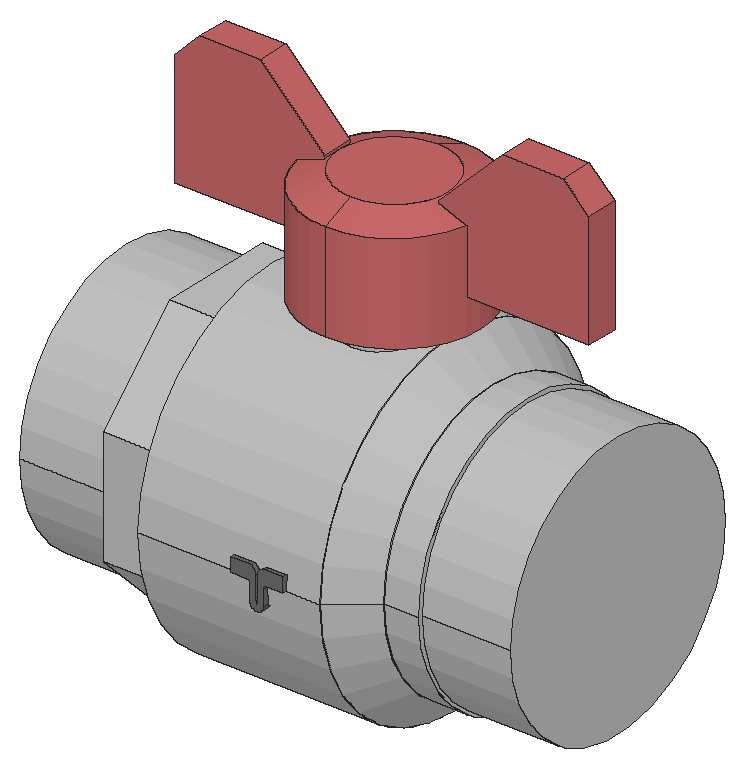
Revit family "P_VALVE BALL_WATER_2372_MM_MISTRAL_Acc_Tiemme", category 배관 밸브류, Revit 2023
Family settings
  원형 커넥터 치수 = 지름 사용
  부품 유형 = 밸브 - 분할 대상
  작업 기준면 기반 = 아니오
  항상 수직 = 예
  로드될 때 보이드를 사용하여 절단 = 아니오
  공유 = 아니오
Parameters (values of type "DN32 (G1"1/4) MM")
  기본 높이 = 0.0 mm
  Waist = 6.0 mm
  Visibility Logo ON/OFF [instance] = yes
  Vis Handle Butterfly RED 1/2" - 3/4" [instance] = if(and(Handle Type = Butterfly RED, Size Male Connector 1 < 21.0 mm), 1 > 0, 1 < 0)  # no
  Vis Handle Butterfly RED 1" - 1"1/4 [instance] = if(and(Handle Type = Butterfly RED, and(Size Male Connector 1 < 39.0 mm, Size Male Connector 1 > 21.0 mm)), 1 > 0, 1 < 0)  # yes
  Vis Handle Butterfly BLUE 1/2" - 3/4" [instance] = if(and(Handle Type = Butterfly BLUE, Size Male Connector 1 < 21.0 mm), 1 > 0, 1 < 0)  # no
  Vis Handle Butterfly BLUE 1" - 1"1/4 [instance] = if(and(Handle Type = Butterfly BLUE, and(Size Male Connector 1 < 39.0 mm, Size Male Connector 1 > 21.0 mm)), 1 > 0, 1 < 0)  # no
  Version ID = "TIEMME_2360_M_D210730B"  # constant formula
  URL = "https://product.tiemme.com/valve2372"
  Top Body Size = 17.0 mm
  Tiemme Model [instance] = if(Handle Type = Butterfly RED, "2372", "2372B")  # "2372"
  Size Male Connector 1 = 32.00 mm
  Secondary Body Size = 43.0 mm
  Reviewer = "Andrea Moscardi"  # constant formula
  Product Description = "ITALIANO: Valvole MISTRAL maschio/maschio ISO228 con leva a farfalla in alluminio blu\r\n\r\nENGLISH: Ball valve MISTRAL male/male ISO228 with blue aluminium butterfly handle"
  Overall Width = Main Body Size  # 53.0 mm
  Overall Length = L1 + L2  # 77.0 mm
  Overall Height = 82.5 mm
  모델 = "2372"
  Minimum Working Temperature = "-20°C"  # constant formula
  Maximum Working Temperature = "120°C"  # constant formula
  Maximum Operating Pressure = "PN 30 bar"  # constant formula
  제조업체 = "TIEMME Original Italian Trademark"  # constant formula
  Manufacter Country = "Italy"  # constant formula
  Main Body Size = 53.0 mm
  손실 방법 = K 계수
  L2 = 42.0 mm
  L1 = 35.0 mm
  L Sym [instance] = if(Size Male Connector 1 = 15.0 mm, 35.0 mm, if(Size Male Connector 1 = 20.0 mm, 40.0 mm, if(Size Male Connector 1 = 25.0 mm, 45.0 mm, if(Size Male Connector 1 = 32.0 mm, 55.0 mm, 0.0 mm))))  # 55.0 mm
  L Connections Male = 14.0 mm
  K Coefficient = 0.38
  IFCExportType = "REGULATING"  # constant formula
  IFCExportAs = "IfcFlowController"  # constant formula
  Handle Type [instance] = Handle Type : Buttefly RED
  Handle & Butterfly = Tiemme_Aluminium_Painted-BLUE
  H logo = (Main Body Size / 2) + 0.5 mm  # 27.0 mm
  H Sym [instance] = if(Size Male Connector 1 = 15.0 mm, 25.0 mm, if(Size Male Connector 1 = 20.0 mm, 30.0 mm, if(Size Male Connector 1 = 25.0 mm, 34.0 mm, if(Size Male Connector 1 = 32.0 mm, 40.0 mm, 0.0 mm))))  # 40.0 mm
  H Octa = 9.0 mm
  H Body Top = 34.0 mm
  FM.Type of work (COD1) [instance] = "UNI 11257"
  FM.Operative Resource (R1) [instance] = "UNI EN 10951 - UNI 11257"
  FM.Maintenance Strategy (S) [instance] = "UNI EN 15331 - UNI 11257"
  FM.Length (T1) [instance] = "UNI EN 10951"
  FM.Frequency (F1) [instance] = "UNI EN 10951 - UNI 11257"
  FM.Description (M1) [instance] = "UNI 11257"
  FM.Cost (C1) [instance] = 0
  F = 5.5 mm
  Email = "bim@tiemme.com"  # constant formula
  ETIM = "EC011343"  # constant formula
  설명 = "ITALIANO: Valvole MISTRAL maschio/maschio ISO228 con leva a farfalla in alluminio blu\r\n\r\nENGLISH: Ball valve MISTRAL male/male ISO228 with blue aluminium butterfly handle"
  Datasheet Rev. = "2360_Rev.M 12-19"  # constant formula
  Data Product Installation [instance] = ""
  DISCLAIMER = "DISCLAIMER \r\nTiemme non è responsabile in alcun modo di danni, errori, aumenti di costo o perdite derivanti dall’utilizzo di questi file o dalla progettazione eseguita con il loro utilizzo, sia in forma diretta che indiretta. \r\nTiemme is in no way responsible for damages, errors, costs increases or losses deriving from the use of these files or from any designing executed with said files, neither directly nor indirectly."
  D Sym [instance] = if(Size Male Connector 1 = 15.0 mm, 14.0 mm, if(Size Male Connector 1 = 20.0 mm, 14.0 mm, if(Size Male Connector 1 = 25.0 mm, 16.0 mm, if(Size Male Connector 1 = 32.0 mm, 24.0 mm, 0.0 mm))))  # 24.0 mm
  Connection Type = "ISO 228(Water)"  # constant formula
  Certification URL = "https://product.tiemme.com/valve2372"
  Certification = "AR - TYSK - TSU - GOST - PZH - ACS - TUV REHINLAND - VUPS - ISTITUTO GIORDANO"  # constant formula
  CH Octa = 44.0 mm
  Butterfly RED [instance] = Handle Type : Buttefly RED
  Butterfly BLUE [instance] = Handle Type : Buttefly BLUE
  Brand Url = "http://www.tiemme.com/"
  Body Size Connections Male = 41.9 mm
  Body Material = Tiemme_BRASS-CW617N_Nickel
  Article [instance] = if(and(Handle Type = Butterfly RED, Size Male Connector 1 = 15.0 mm), "2360032", if(and(Handle Type = Butterfly RED, Size Male Connector 1 = 20.0 mm), "2360038", if(and(Handle Type = Butterfly RED, Size Male Connector 1 = 25.0 mm), "2360040", if(and(Handle Type = Butterfly RED, Size Male Connector 1 = 32.0 mm), "2360048", if(and(Handle Type = Butterfly BLUE, Size Male Connector 1 = 15.0 mm), "2360066", if(and(Handle Type = Butterfly BLUE, Size Male Connector 1 = 20.0 mm), "2360067", if(and(Handle Type = Butterfly BLUE, Size Male Connector 1 = 25.0 mm), "2360043", if(and(Handle Type = Butterfly BLUE, Size Male Connector 1 = 32.0 mm), "2360047", "NO CODE"))))))))  # "2360048"
  Application Fluids (istance) [instance] = ""
Types (4, lengths in mm): name | Waist | Vis Handle Butterfly RED 1/2" - 3/4" | Vis Handle Butterfly RED 1" - 1"1/4 | Vis Handle Butterfly BLUE 1/2" - 3/4" | Vis Handle Butterfly BLUE 1" - 1"1/4 | Top Body Size | Tiemme Model | Size Male Connector 1 | Secondary Body Size | Overall Width | Overall Length | Overall Height | Main Body Size | L2 | L1 | L Sym | L Connections Male | K Coefficient | Handle Type | H logo | H Sym | H Octa | H Body Top | F | D Sym | CH Octa | Body Size Connections Male | Article
  DN15 (G1/2") MM | 3.0 | no | no | yes | no | 14.0 | "2372B" | 15.00 | 22.0 | 20.0 | 50.0 | 50.0 | 20.0 | 29.0 | 21.0 | 35.0 | 10.0 | 0.41 | Handle Type : Buttefly BLUE | 10.5 | 25.0 | 7.5 | 22.5 | 3.5 | 14.0 | 22.0 | 21.0 | "2360066"
  DN20 (G3/4") MM | 4.0 | yes | no | no | no | 15.0 | "2372" | 20.00 | 27.0 | 33.5 | 55.3 | 63.0 | 33.5 | 31.3 | 24.0 | 40.0 | 10.0 | 0.41 | Handle Type : Buttefly RED | 17.25 | 30.0 | 7.5 | 27.5 | 4.0 | 14.0 | 27.5 | 26.5 | "2360038"
  DN25 (G1") MM | 4.7 | no | no | no | yes | 17.0 | "2372B" | 25.00 | 34.0 | 40.5 | 67.5 | 75.0 | 40.5 | 36.5 | 31.0 | 45.0 | 13.0 | 0.53 | Handle Type : Buttefly BLUE | 20.75 | 34.0 | 8.5 | 33.5 | 4.0 | 16.0 | 35.0 | 33.2 | "2360043"
  DN32 (G1"1/4) MM | 6.0 | no | yes | no | no | 17.0 | "2372" | 32.00 | 43.0 | 53.0 | 77.0 | 82.5 | 53.0 | 42.0 | 35.0 | 55.0 | 14.0 | 0.38 | Handle Type : Buttefly RED | 27.0 | 40.0 | 9.0 | 34.0 | 5.5 | 24.0 | 44.0 | 41.9 | "2360048"
Reference planes
  plane 1 "Center (Front/Back) Tiemme": y = 0
  plane 2 "Tiemme": z = 0
  plane 3 "Center (Left/Right) Tiemme": x = 0
  plane 4: x = 35
  plane 5: x = -42
  plane 6: x = -19
  plane 7: x = 21
  plane 8: x = 15.5
  plane 9: x = 9.5
  plane 10: z = 34
  plane 11 "Tiemme1": x = 24.785
  plane 12: x = -28
Forms (mm)
  Extrusion 1, solid, material "Tiemme_BRASS-CW617N_Nickel" <- "Body Material", detail levels fine
    sketch origin (0, 0, 0) x (0, 1, 0) y (0, 0, 1)
      loop
        circle (0, 0) r 26.5
    from -19 to 9.5
  Extrusion 2, solid, material "Tiemme_BRASS-CW617N_Nickel" <- "Body Material", detail levels fine
    sketch origin (0, 0, 0) x (0, 1, 0) y (0, 0, 1)
      loop
        circle (0, 0) r 21.5
    from 15.5 to 21
  Blend 3, solid, material "Tiemme_BRASS-CW617N_Nickel" <- "Body Material", detail levels fine
    base sketch origin (0, 0, 0) x (0, 1, 0) y (0, 0, 1)
      loop
        circle (0, 0) r 26.5
    top sketch origin (0, 0, 0) x (0, 1, 0) y (0, 0, 1)
      loop
        circle (0, 0) r 21.5
    from 9.5 to 15.5
  Extrusion 4, solid, material "Tiemme_BRASS-CW617N_Nickel" <- "Body Material", detail levels fine
    sketch origin (0, 0, 0) x (1, 0, 0) y (0, 1, 0)
      loop
        circle (0, 0) r 8.5
    from 0 to 34
  Extrusion 5, solid, material "Tiemme_BRASS-CW617N_Nickel" <- "Body Material", detail levels fine
    sketch origin (0, 0, 0) x (0, 1, 0) y (0, 0, 1)
      loop
        circle (0, 0) r 20.95
    from -42 to -28
  Extrusion 6, solid, material "Tiemme_BRASS-CW617N_Nickel" <- "Body Material", detail levels fine
    sketch origin (0, 0, 0) x (0, 1, 0) y (0, 0, 1)
      loop
        circle (0, 0) r 20.95
    from 21 to 35
  Sweep 7, solid, material "Tiemme_BRASS-CW617N_Nickel" <- "Body Material", detail levels fine
    path origin (0, 0, 0) x (1, 0, 0) y (0, 0, 1)
      loop
        line (-19, 0) -> (-28, 0)
    profile "Tiemme Seep Profile OCTAGON : Tiemme Seep Profile OCTAGON" origin (-23.5, 0, 0) x (0, 0, -1) y (0, -1, 0)
      loop
        line (-22, 9.113) -> (-22, -9.113) -> (-9.113, -22) -> (9.113, -22) -> (22, -9.113) -> (22, 9.113) -> (9.113, 22) -> (-9.113, 22) -> (-22, 9.113)
  Extrusion 8, solid, material "Tiemme logo", detail levels fine
    sketch origin (0, -17, 0) x (0, 0, 1) y (-1, 0, 0)
      loop
        line (-2.158, -0.1) -> (-3.002, 0) -> (-2.158, 0.1) -> (0.959, 0.1)
        arc (0.959, 0.1) -> (1.843, 0.466) -> (2.209, 1.35) r 1.25
        line (2.209, 1.35) -> (2.209, 4.1) -> (0, 4.1) -> (0, 1.6)
        arc (0, 1.6) -> (-0.146, 1.246) -> (-0.5, 1.1) r 0.5
        line (-0.5, 1.1) -> (-3.002, 1.1)
        arc (-3.002, 1.1) -> (-4.102, 0) -> (-3.002, -1.1) r 1.1
        line (-3.002, -1.1) -> (-0.5, -1.1)
        arc (-0.5, -1.1) -> (-0.146, -1.246) -> (0, -1.6) r 0.5
        line (0, -1.6) -> (0, -4.1) -> (2.209, -4.1) -> (2.209, -1.35)
        arc (2.209, -1.35) -> (1.843, -0.466) -> (0.959, -0.1) r 1.25
        line (0.959, -0.1) -> (-2.158, -0.1)
    from -44 to 10
Lines and regions (mm)
  model lines, detail levels coarse
    curve 1: line (27.5, 0, -20) -> (27.5, 0, 20)
    curve 2: line (-27.5, 0, -20) -> (-27.5, 0, 20)
    curve 3: line (-27.5, 0, 20) -> (27.5, 0, -20)
    curve 4: line (-27.5, 0, -20) -> (27.5, 0, 20)
    curve 5: circle (0, 0, 0) r 12 normal (0, -1, 0)
    curve 6: line (27.5, 0, 0) -> (35, 0, 0)
    curve 7: line (-27.5, 0, 0) -> (-42, 0, 0)
  symbolic lines, style "PipeAccessory", detail levels coarse
    curve 8: line (-27.5, 20, 0) -> (-27.5, -20, 0)
    curve 9: line (27.5, 20, 0) -> (27.5, -20, 0)
    curve 10: line (-27.5, 20, 0) -> (27.5, -20, 0)
    curve 11: line (27.5, 20, 0) -> (-27.5, -20, 0)
    curve 12: circle (0, 0, 0) r 12 normal (0, 0, 1)
    curve 13: line (-27.5, 0, 0) -> (-42, 0, 0)
    curve 14: line (27.5, 0, 0) -> (35, 0, 0)
Dimensions and locks
  "F": plane 8 to plane 7
  "Waist": plane 8 to plane 9
  "H Body Top": plane 10 to plane 2 "Tiemme"
  "L1": plane 4 to plane 3 "Center (Left/Right) Tiemme"
  "L2": plane 3 "Center (Left/Right) Tiemme" to plane 5
  "L Connections Male": plane 12 to plane 5
  "H Octa": plane 6 to plane 12
  "L Connections Male": plane 7 to plane 4
  locked: Extrusion 8 sketch curve to Extrusion 8 sketch curve at 8.2
  equal spacing: Extrusion 8 sketch curve, plane 3 "Center (Left/Right) Tiemme", Extrusion 8 sketch curve
  "H logo": Extrusion 8 to plane 1 "Center (Front/Back) Tiemme" to Extrusion 8
  "L Sym": curve 1 to curve 2
  "H Sym": curve 2 to curve 2
  "H Sym": curve 1 to curve 1
  equal spacing: curve 1, plane 3 "Center (Left/Right) Tiemme", curve 2
  equal spacing: curve 2, plane 2 "Tiemme", curve 2
  equal spacing: curve 1, plane 2 "Tiemme", curve 1
  "H Sym": curve 8 to curve 8
  "H Sym": curve 9 to curve 9
  "L Sym": curve 8 to curve 9
  equal spacing: curve 8, plane 3 "Center (Left/Right) Tiemme", curve 9
  equal spacing: curve 8, plane 1 "Center (Front/Back) Tiemme", curve 8
  equal spacing: curve 9, plane 1 "Center (Front/Back) Tiemme", curve 9
  "Main Body Size": diameter of Extrusion 1 sketch curve
  "Secondary Body Size": diameter of Extrusion 2 sketch curve
  "Main Body Size": diameter of Blend 3 sketch curve
  "Secondary Body Size": diameter of Blend 3 sketch curve
  "Top Body Size": diameter of Extrusion 4 sketch curve
  "Body Size Connections Male": diameter of Extrusion 5 sketch curve
  "Body Size Connections Male": diameter of Extrusion 6 sketch curve
  "D Sym": diameter of curve 5
  "D Sym": diameter of curve 12
  aligned and locked: level to plane 2 "Tiemme"
  aligned and locked: plane 1 "Center (Front/Back) Tiemme" to Extrusion 1 sketch curve
  aligned and locked: plane 2 "Tiemme" to Extrusion 1 sketch curve
  aligned and locked: Extrusion 1 to plane 6
  aligned and locked: plane 9 to Extrusion 1
  aligned and locked: plane 1 "Center (Front/Back) Tiemme" to Extrusion 2 sketch curve
  aligned and locked: plane 2 "Tiemme" to Extrusion 2 sketch curve
  aligned and locked: Extrusion 2 to plane 8
  aligned and locked: Extrusion 2 to plane 7
  aligned and locked: plane 1 "Center (Front/Back) Tiemme" to Blend 3 sketch curve  (x2)
  aligned and locked: plane 2 "Tiemme" to Blend 3 sketch curve  (x2)
  aligned and locked: Blend 3 to plane 9
  aligned and locked: plane 8 to Blend 3
  aligned and locked: plane 3 "Center (Left/Right) Tiemme" to Extrusion 4 sketch curve
  aligned and locked: plane 1 "Center (Front/Back) Tiemme" to Extrusion 4 sketch curve
  aligned and locked: Extrusion 4 to plane 2 "Tiemme"
  aligned and locked: Extrusion 4 to plane 10
  aligned and locked: plane 1 "Center (Front/Back) Tiemme" to Extrusion 5 sketch curve
  aligned and locked: plane 2 "Tiemme" to Extrusion 5 sketch curve
  aligned and locked: Extrusion 5 to plane 5
  aligned and locked: plane 12 to Extrusion 5
  aligned and locked: plane 1 "Center (Front/Back) Tiemme" to Extrusion 6 sketch curve
  aligned and locked: plane 2 "Tiemme" to Extrusion 6 sketch curve
  aligned and locked: plane 7 to Extrusion 6
  aligned and locked: plane 4 to Extrusion 6
  aligned and locked: plane 2 "Tiemme" to Sweep 7 sketch curve
  aligned and locked: plane 12 to Sweep 7 sketch curve
  aligned and locked: plane 6 to Sweep 7 sketch curve
  aligned and locked: plane 3 "Center (Left/Right) Tiemme" to nested 1
  aligned and locked: plane 10 to nested 1
  aligned and locked: plane 3 "Center (Left/Right) Tiemme" to nested 2
  aligned and locked: plane 10 to nested 2
  aligned and locked: plane 3 "Center (Left/Right) Tiemme" to nested 3
  aligned and locked: plane 10 to nested 3
  aligned and locked: plane 3 "Center (Left/Right) Tiemme" to nested 4
  aligned and locked: plane 10 to nested 4
  aligned and locked: curve 2 to curve 7
  aligned and locked: curve 1 to curve 6
  aligned and locked: plane 3 "Center (Left/Right) Tiemme" to curve 5
  aligned and locked: plane 2 "Tiemme" to curve 5
  aligned and locked: plane 2 "Tiemme" to curve 7
  aligned and locked: curve 6 to plane 2 "Tiemme"
  aligned and locked: plane 4 to curve 6
  aligned and locked: plane 5 to curve 7
  aligned and locked: plane 5 to curve 13
  aligned and locked: curve 13 to plane 1 "Center (Front/Back) Tiemme"
  aligned and locked: plane 1 "Center (Front/Back) Tiemme" to curve 14
  aligned and locked: plane 4 to curve 14
  aligned and locked: plane 3 "Center (Left/Right) Tiemme" to curve 12
  aligned and locked: plane 1 "Center (Front/Back) Tiemme" to curve 12
Automatic sketch dimensions
  Extrusion 8 sketch curve to plane 3 "Center (Left/Right) Tiemme" = 0.0 mm  (x2)
  Extrusion 8 sketch curve to level = 0.0 mm  (x2)
  Extrusion 8 sketch curve to level = 0.5 mm  (x2)
  plane 3 "Center (Left/Right) Tiemme" to Extrusion 8 sketch curve = 0.1 mm
  Extrusion 8 sketch curve to Extrusion 8 sketch curve = 1.658 mm
  Extrusion 8 sketch curve to Extrusion 8 sketch curve = 0.844 mm
  Extrusion 8 sketch curve to Extrusion 8 sketch curve = 0.0 mm  (x2)
  level to Extrusion 8 sketch curve = 0.959 mm  (x2)
  level to Extrusion 8 sketch curve = 2.209 mm
  Extrusion 8 sketch curve to Extrusion 8 sketch curve = 1.25 mm
  Extrusion 8 sketch curve to Extrusion 8 sketch curve = 0.25 mm
  Extrusion 8 sketch curve to plane 3 "Center (Left/Right) Tiemme" = 0.1 mm
Nested families
  nested 1: "P_Butterfly Handle Tiemme" at (0, 0, 34) x (0, 1, 0) z (0, 0, 1), visible <- "Vis Handle Butterfly BLUE 1" - 1"1/4", type "Handle Buttefly 3/4" BLUE", detail levels fine
    with T3 5.5 mm, T2 12.0 mm, S1 27.0 mm, S 17.0 mm, R1 65.0 mm, R 13.5 mm, Q3 27.5 mm, Q2 22.0 mm
  nested 2: "P_Butterfly Handle Tiemme" at (0, 0, 34) x (0, 1, 0) z (0, 0, 1), visible <- "Vis Handle Butterfly BLUE 1/2" - 3/4"", type "Handle Buttefly 1/2" BLUE", detail levels fine
  nested 3: "P_Butterfly Handle Tiemme" at (0, 0, 34) x (0, 1, 0) z (0, 0, 1), visible <- "Vis Handle Butterfly RED 1/2" - 3/4"", type "Handle Buttefly 1/2" RED", detail levels fine
  nested 4: "P_Butterfly Handle Tiemme" at (0, 0, 34) x (0, 1, 0) z (0, 0, 1), visible <- "Vis Handle Butterfly RED 1" - 1"1/4", type "Handle Buttefly 3/4" RED", detail levels fine
    with T3 5.5 mm, T2 12.0 mm, S1 27.0 mm, S 17.0 mm, R1 65.0 mm, R 13.5 mm, Q3 27.5 mm, Q2 22.0 mm
Connectors
  piping at (35, 0, 0), diameter 32, driven by "Size Male Connector 1"
    settings: on Extrusion 6, index 1, connector inside diameter 609.6 mm, connector length 0.0 mm, flow factor 0, pipe flow 0.0 L/s, pressure drop 0.0 Pa, fitting loss kfactor 0, connector angle 0.00°, fixture units 0, engagement length 0.0 mm, angle of deflection 0.00°, flow configuration 0, flow direction 0, fitting loss method 0, system type 29, joint type 0, gender type 0, connector reference index -1, connector utility 0, adjustable connector no, is connector primary no, connector description ""
  piping at (-42, 0, 0), diameter 32, driven by "Size Male Connector 1"
    settings: on Extrusion 5, index 2, connector inside diameter 609.6 mm, connector length 0.0 mm, flow factor 0, pipe flow 0.0 L/s, pressure drop 0.0 Pa, fitting loss kfactor 0, connector angle 0.00°, fixture units 0, engagement length 0.0 mm, angle of deflection 0.00°, flow configuration 0, flow direction 0, fitting loss method 0, system type 29, joint type 0, gender type 0, connector reference index -1, connector utility 0, adjustable connector no, is connector primary yes, connector description ""
Definition of nested family "P_Butterfly Handle Tiemme"
  Parameters (values of type "Handle Buttefly 1/2"")
    Default Elevation = 0.0 mm
    URL = ""
    T3 [instance] = 4.5 mm
    T2 = 8.0 mm
    S1 = 22.0 mm
    S = 15.0 mm
    R1 = 50.0 mm
    R = 9.8 mm
    Q3 = 20.5 mm
    Q2 = 16.0 mm
    Model = ""
    Manufacturer = "Tiemme Raccorderie S.p.A."  # constant formula
    Manufacter Contry = "Italy"  # constant formula
    Loss Method = (empty or 0)
    Handle & Butterfly = none
    Email = ""
    Description = ""
    DISCLAIMER = "DISCLAIMER \r\nTiemme non è responsabile in alcun modo di danni, errori, aumenti di costo o perdite derivanti dall’utilizzo di questi file o dalla progettazione eseguita con il loro utilizzo, sia in forma diretta che indiretta. \r\nTiemme is in no way responsible for damages, errors, costs increases or losses deriving from the use of these files or from any designing executed with said files, neither directly nor indirectly."
    Brand Url = "http://www.tiemme.com/"
  Types (2, lengths in mm): name | T3 | T2 | S1 | S | R1 | R | Q3 | Q2
    Handle Buttefly 1/2" | 4.5 | 8.0 | 22.0 | 15.0 | 50.0 | 9.8 | 20.5 | 16.0
    Handle Buttefly 3/4" | 5.5 | 12.0 | 27.0 | 17.0 | 65.0 | 13.5 | 27.5 | 22.0
  Reference planes
    plane 1 "Center (Front/Back) Tiemme": y = 0
    plane 2 "Tiemme": z = 0
    plane 3 "Center (Left/Right) Tiemme": x = 0
    plane 4 "Butterfly Handle TOP": z = 16
    plane 5 "Butterfly Handle BOTTOM": z = -4.5
    plane 6: z = 12
    plane 7: y = -25
    plane 8: y = 25
    plane 9: y = -15.2
    plane 10: y = 15.2
    plane 11 "T2": z = 8
    plane 12: x = -2.5
    plane 13: x = 2.5
    plane 14: z = 6
  Forms (mm)
    Extrusion 1, solid, material <- "Handle & Butterfly"
      sketch origin (0, 0, 0) x (0, 1, 0) y (0, 0, 1)
        loop
          line (-25, 0) -> (-7.2, 0) -> (-7.2, 8) -> (-15.2, 16) -> (-21, 16) -> (-25, 12) -> (-25, 0)
        loop
          line (25, 0) -> (25, 12) -> (21, 16) -> (15.2, 16) -> (7.2, 8) -> (7.2, 0) -> (25, 0)
      from -2.5 to 2.5
    Extrusion 2, solid, material <- "Handle & Butterfly"
      sketch origin (0, 0, 0) x (1, 0, 0) y (0, 1, 0)
        loop
          circle (0, 0) r 11
      from -4.5 to 6
    Blend 3, solid, material <- "Handle & Butterfly"
      base sketch origin (0, 0, 0) x (1, 0, 0) y (0, 1, 0)
        loop
          circle (0, 0) r 11
      top sketch origin (0, 0, 0) x (1, 0, 0) y (0, 1, 0)
        loop
          circle (0, 0) r 7.5
      from 6 to 8
  Dimensions and locks
    "Q2": plane 4 "Butterfly Handle TOP" to level
    "Q3": plane 4 "Butterfly Handle TOP" to plane 5 "Butterfly Handle BOTTOM"
    locked: plane 4 "Butterfly Handle TOP" to plane 6 at 4
    equal spacing: plane 7, plane 1 "Center (Front/Back) Tiemme", plane 8
    "R1": plane 7 to plane 8
    "R": plane 7 to plane 9
    "R": plane 10 to plane 8
    "T2": plane 11 "T2" to plane 2 "Tiemme"
    "T3": plane 2 "Tiemme" to plane 5 "Butterfly Handle BOTTOM"
    equal spacing: plane 12, plane 3 "Center (Left/Right) Tiemme", plane 13
    plane 12 to plane 13 = 5.0 mm
    locked: plane 11 "T2" to plane 14 at 2
    "S1": diameter of Extrusion 2 sketch curve
    "S1": diameter of Blend 3 sketch curve
    "S": diameter of Blend 3 sketch curve
    angle plane 6 to Extrusion 1 sketch curve = 45.00°  (x2)
    angle Extrusion 1 sketch curve to plane 6 = 45.00°  (x2)
    aligned and locked: level to plane 2 "Tiemme"
    aligned and locked: plane 7 to Extrusion 1 sketch curve
    aligned and locked: Extrusion 1 sketch curve to plane 4 "Butterfly Handle TOP"
    aligned and locked: plane 6 to Extrusion 1 sketch curve  (x2)
    aligned and locked: plane 9 to Extrusion 1 sketch curve
    aligned and locked: Extrusion 1 sketch curve to plane 2 "Tiemme"
    aligned and locked: plane 8 to Extrusion 1 sketch curve
    aligned and locked: plane 2 "Tiemme" to Extrusion 1 sketch curve
    aligned and locked: plane 4 "Butterfly Handle TOP" to Extrusion 1 sketch curve
    aligned and locked: plane 10 to Extrusion 1 sketch curve
    aligned and locked: plane 11 "T2" to Extrusion 1 sketch curve  (x2)
    aligned and locked: Extrusion 1 to plane 12
    aligned and locked: plane 13 to Extrusion 1
    aligned and locked: plane 3 "Center (Left/Right) Tiemme" to Extrusion 2 sketch curve
    aligned and locked: plane 1 "Center (Front/Back) Tiemme" to Extrusion 2 sketch curve
    aligned and locked: Extrusion 2 to plane 5 "Butterfly Handle BOTTOM"
    aligned and locked: plane 14 to Extrusion 2
    aligned and locked: plane 1 "Center (Front/Back) Tiemme" to Blend 3 sketch curve  (x2)
    aligned and locked: plane 3 "Center (Left/Right) Tiemme" to Blend 3 sketch curve  (x2)
    aligned and locked: Blend 3 to plane 14
    aligned and locked: plane 11 "T2" to Blend 3
